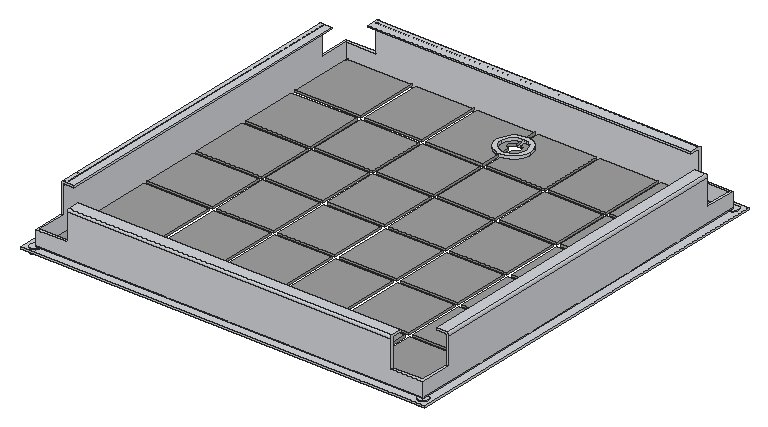
Revit family "14101_UFAD-S", category Air Terminals, Revit 2012
Parameters (values of type "UFAD-S")
  URL = "https://www.innes.com.mx"
  Type Comments = "Desmontable"
  Tipo de Cuello = "Cuadrado"
  Tamaño de Construcción = "únicamente en módulo de 24\"x24\""
  Posición de Instalación = "Piso"
  Model = "UFAD-S"
  Material = "Acero"
  Manufacturer = "INNES"
  Función = "Inyección/Retorno"
  Description = "Rejilla de Piso"
  Cuello Mín.-Máx. = "23\"x23\""
  Conect_V = 23"  # constant formula
  Conect_H = 23"  # constant formula
Reference planes (in)
  plane 1 "Center (Front/Back)": y = 0
  plane 2: z = 0
  plane 3 "Center (Left/Right)": x = 0
  plane 4 "conect": z = 2.75
Nested families (in)
  nested 1: "UFAD_S" at (0, 0, 0), type "UFAD-S"
Connectors (in)
  hvac at (0, 0, 2.75), driven by "Conect_V", driven by "Conect_H"
    settings: index 1, duct flow 0.0 L/s, flow factor 0, pres drop 0.0 Pa, loss coef 0, conn angle 0.00°, conn width 584.2 mm, conn height 584.2 mm, conn radius 304.8 mm, duct sys type 1, conn prof type 1, flow config 0, flow direction 0, loss method 0, conn ref index -1, conn util no, is conn primary yes, conn desc ""
Definition of nested family "UFAD_S"
  Parameters (values of type "UFAD-S")
    URL = "http://www.innes.com.mx"
    Textura = Default
    Mínima velocidad de cuello = 0.0 m/s
    Mínima presión estática = 0.0 Pa
    Máximo nivel de ruido (NC) = ""
    Máxima velocidad de cuello = 0.0 m/s
    Máxima presión estática = 0.0 Pa
    Material = ""
    Manufacturer = "INNES"
    Cuello_Real = 23"  # constant formula
    Cuello = ""
    Marco_B = 24"  # constant formula
    Marco_A = 24"  # constant formula
    Altura = 2 3/4"  # constant formula
  Reference planes (in)
    plane 1 "Center (Front/Back)": y = 0
    plane 2: z = 0
    plane 3 "Center (Left/Right)": x = 0
    plane 4: x = -12
    plane 5: x = 12
    plane 6: y = 12
    plane 7: y = -12
    plane 8: x = -11.5
    plane 9: x = 11.5
    plane 10: y = 11.5
    plane 11: y = -11.5
    plane 12 "PLACA": z = 0.10937
    plane 13: z = 0.23437
    plane 14: y = 9.57812
    plane 15: y = -9.57813
    plane 16: x = -9.57812
    plane 17: x = 9.5625
    plane 18: z = 1
    plane 19: z = 2.75
  Forms (in)
    Extrusion 1, solid
      sketch origin (0, 0, 0) x (1, 0, 0) y (0, 1, 0)
        loop
          line (-12, 12) -> (-12, -12) -> (12, -12) -> (12, 12) -> (-12, 12)
        loop
          line (-11.5, 11.5) -> (-11.5, -11.5) -> (11.5, -11.5) -> (11.5, 11.5) -> (-11.5, 11.5)
      from 0 to 0.10937
    Extrusion 2, solid
      sketch origin (0, 0, 0.10937) x (-1, 0, 0) y (0, -1, 0)
        loop
          circle (11.5, -11.5) r 0.3
        loop
          circle (11.5, 11.5) r 0.3
        loop
          circle (-11.5, 11.5) r 0.3
        loop
          circle (-11.5, -11.5) r 0.3
      from -0.26021 to 0
    Extrusion 3, solid, material "Default" <- "Textura"
      sketch origin (0, 0, 0) x (1, 0, 0) y (0, 1, 0)
        loop
          line (-7.42187, 11.5) -> (-11.5, 11.5) -> (-11.5, 7.5) -> (-7.42187, 7.5) -> (-7.42187, 11.5)
        loop
          line (-7.17187, 11.5) -> (-7.17187, 7.5) -> (-3.78125, 7.5) -> (-3.78125, 11.5) -> (-7.17187, 11.5)
        loop
          line (-3.53125, 11.5) -> (-3.53125, 7.5) -> (-0.14062, 7.5) -> (-0.14062, 11.5) -> (-3.53125, 11.5)
        loop
          line (0.10938, 11.5) -> (0.10938, 7.5) -> (3.5, 7.5) -> (3.5, 11.5) -> (0.10938, 11.5)
        loop
          line (3.75, 11.5) -> (3.75, 7.5) -> (7.14063, 7.5) -> (7.14063, 11.5) -> (3.75, 11.5)
        loop
          line (-11.5, -11.5) -> (-7.42187, -11.5) -> (-7.42187, -7.375) -> (-11.5, -7.375) -> (-11.5, -11.5)
        loop
          line (-3.53125, -11.5) -> (-0.14062, -11.5) -> (-0.14062, -7.375) -> (-3.53125, -7.375) -> (-3.53125, -11.5)
        loop
          line (0.08092, -11.5) -> (3.5, -11.5) -> (3.5, -7.375) -> (0.08092, -7.375) -> (0.08092, -11.5)
        loop
          line (3.75, -11.5) -> (7.14063, -11.5) -> (7.14063, -7.375) -> (3.75, -7.375) -> (3.75, -11.5)
        loop
          line (7.39063, -11.5) -> (11.5, -11.5) -> (11.5, -7.375) -> (7.39063, -7.375) -> (7.39063, -11.5)
        loop
          line (7.39063, 11.5) -> (7.39063, 7.5) -> (11.5, 7.5) -> (11.5, 11.5) -> (7.39063, 11.5)
        loop
          line (-7.42187, 7.25) -> (-11.5, 7.25) -> (-11.5, 3.84375) -> (-7.42187, 3.84375) -> (-7.42187, 7.25)
        loop
          line (-7.17187, 7.25) -> (-7.17187, 3.84375) -> (-3.78125, 3.84375) -> (-3.78125, 7.25) -> (-7.17187, 7.25)
        loop
          line (-7.17187, 3.59375) -> (-7.17187, 0.1875) -> (-3.78125, 0.1875) -> (-3.78125, 3.59375) -> (-7.17187, 3.59375)
        loop
          line (-7.17187, -3.71875) -> (-7.17187, -7.125) -> (-3.78125, -7.125) -> (-3.78125, -3.71875) -> (-7.17187, -3.71875)
        loop
          line (-7.42187, 3.59375) -> (-11.5, 3.59375) -> (-11.5, 0.1875) -> (-7.42187, 0.1875) -> (-7.42187, 3.59375)
        loop
          line (-7.42187, -0.0625) -> (-11.5, -0.0625) -> (-11.5, -3.46875) -> (-7.42187, -3.46875) -> (-7.42187, -0.0625)
        loop
          line (-7.42187, -3.71875) -> (-11.5, -3.71875) -> (-11.5, -7.125) -> (-7.42187, -7.125) -> (-7.42187, -3.71875)
        loop
          line (-3.53125, 7.25) -> (-3.53125, 3.84375) -> (-0.14062, 3.84375) -> (-0.14062, 7.25) -> (-3.53125, 7.25)
        loop
          line (0.10938, 7.25) -> (0.10938, 3.84375) -> (3.5, 3.84375) -> (3.5, 7.25) -> (0.10938, 7.25)
        loop
          line (3.75, 7.25) -> (3.75, 3.84375) -> (7.14063, 3.84375) -> (7.14063, 7.25) -> (3.75, 7.25)
        loop
          line (7.39063, 7.25) -> (7.39063, 3.84375) -> (11.5, 3.84375) -> (11.5, 7.25) -> (7.39063, 7.25)
        loop
          line (-7.17187, -0.0625) -> (-7.17187, -3.46875) -> (-3.78125, -3.46875) -> (-3.78125, -0.0625) -> (-7.17187, -0.0625)
        loop
          line (-3.53125, -0.0625) -> (-3.53125, -3.46875) -> (-0.14062, -3.46875) -> (-0.14062, -0.0625) -> (-3.53125, -0.0625)
        loop
          line (0.10938, -0.0625) -> (0.10938, -3.46875) -> (3.5, -3.46875) -> (3.5, -0.0625) -> (0.10938, -0.0625)
        loop
          line (3.75, -0.0625) -> (3.75, -3.46875) -> (7.14063, -3.46875) -> (7.14063, -0.0625) -> (3.75, -0.0625)
        loop
          line (7.39063, -0.0625) -> (7.39063, -3.46875) -> (11.5, -3.46875) -> (11.5, -0.0625) -> (7.39063, -0.0625)
        loop
          line (-3.53125, 3.59375) -> (-3.53125, 0.1875) -> (-0.14062, 0.1875) -> (-0.14062, 3.59375) -> (-3.53125, 3.59375)
        loop
          line (0.10938, 3.59375) -> (0.10938, 0.1875) -> (3.5, 0.1875) -> (3.5, 3.59375) -> (0.10938, 3.59375)
        loop
          line (3.75, 3.59375) -> (3.75, 0.1875) -> (7.14063, 0.1875) -> (7.14063, 3.59375) -> (3.75, 3.59375)
        loop
          line (7.39063, 3.59375) -> (7.39063, 0.1875) -> (11.5, 0.1875) -> (11.5, 3.59375) -> (7.39063, 3.59375)
        loop
          line (-3.53125, -3.71875) -> (-3.53125, -7.125) -> (-0.14062, -7.125) -> (-0.14062, -3.71875) -> (-3.53125, -3.71875)
        loop
          line (0.10938, -3.71875) -> (0.10938, -7.125) -> (3.5, -7.125) -> (3.5, -3.71875) -> (0.10938, -3.71875)
        loop
          line (3.75, -3.71875) -> (3.75, -7.125) -> (7.14063, -7.125) -> (7.14063, -3.71875) -> (3.75, -3.71875)
        loop
          line (7.39063, -3.71875) -> (7.39063, -7.125) -> (11.5, -7.125) -> (11.5, -3.71875) -> (7.39063, -3.71875)
        loop
          line (-3.78125, -7.375) -> (-7.17187, -7.375) -> (-7.17187, -11.5) -> (-3.78125, -11.5) -> (-3.78125, -7.375)
      from 0 to 0.10937
    Sweep 4, solid
      path origin (0, 0, 0) x (1, 0, 0) y (0, 1, 0)
        loop
          line (-11.5, 11.5) -> (-11.5, -11.5) -> (11.5, -11.5) -> (11.5, 11.5) -> (-11.5, 11.5)
      profile origin (0, 11.5, 0) x (0, 1, 0) y (0, 0, 1)
        loop
          line (0, 0) -> (0, 2.5908)
          arc (0, 2.5908) -> (-0.01999, 2.68539) -> (-0.09191, 2.75) r 0.15589
          line (-0.09191, 2.75) -> (-0.75, 2.75) -> (-0.75, 2.65095) -> (-0.22864, 2.65095)
          arc (-0.22864, 2.65095) -> (-0.17355, 2.62814) -> (-0.15074, 2.57305) r 0.0779
          line (-0.15074, 2.57305) -> (-0.15074, 0) -> (0, 0)
    Extrusion 5, void
      sketch origin (0, 0, 0.10937) x (-1, 0, 0) y (0, -1, 0)
        loop
          line (12, 9.57813) -> (12, 12) -> (9.57812, 12) -> (9.57812, 9.57813) -> (12, 9.57813)
      from 0.89063 to 2.64063
    Extrusion 6, void
      sketch origin (0, 0, 0.10937) x (-1, 0, 0) y (0, -1, 0)
        loop
          line (12, -12) -> (12, -9.57812) -> (9.57812, -9.57812) -> (9.57812, -12) -> (12, -12)
      from 0.89063 to 2.64063
    Extrusion 7, void
      sketch origin (0, 0, 0.10937) x (-1, 0, 0) y (0, -1, 0)
        loop
          line (-9.5625, -12) -> (-9.5625, -9.57812) -> (-12, -9.57812) -> (-12, -12) -> (-9.5625, -12)
      from 0.89063 to 2.64063
    Extrusion 8, void
      sketch origin (0, 0, 0.10937) x (-1, 0, 0) y (0, -1, 0)
        loop
          line (-9.5625, 9.57813) -> (-9.5625, 12) -> (-12, 12) -> (-12, 9.57813) -> (-9.5625, 9.57813)
      from 0.89063 to 2.64063
    Extrusion 9, void
      sketch origin (0, 0, 0.10937) x (-1, 0, 0) y (0, -1, 0)
        loop
          line (0.41437, -9.57812) -> (0.14062, -9.32812) -> (-0.10938, -9.32812) -> (-0.41882, -9.57812)
          arc (-0.41882, -9.57812) -> (-0.00223, -9.99472) -> (0.41437, -9.57812) r 0.41659
        loop
          line (0.41437, 9.92188) -> (0.14062, 10.17188) -> (-0.10938, 10.17188) -> (-0.41882, 9.92188)
          arc (-0.41882, 9.92188) -> (-0.00223, 9.50528) -> (0.41437, 9.92188) r 0.41659
      from -0.40592 to 0
    Extrusion 10, solid
      sketch origin (0, 0, 0.10937) x (-1, 0, 0) y (0, -1, 0)
        loop
          circle (0, -9.57812) r 1
        loop
          circle (0, -9.57812) r 0.75
        loop
          circle (0, 9.85843) r 1
        loop
          circle (0, 9.85843) r 0.75
      from -0.313 to 0.125
  Cuts and joins
    Extrusion 5, Extrusion 6, Extrusion 7, Extrusion 8 cuts Extrusion 1
    Extrusion 5, Extrusion 6, Extrusion 7, Extrusion 8 cuts Extrusion 2
    Extrusion 5, Extrusion 6, Extrusion 7, Extrusion 8, Extrusion 9 cuts Extrusion 3
    Extrusion 5, Extrusion 6, Extrusion 7, Extrusion 8, Extrusion 9 cuts Sweep 4
  Dimensions and locks (in)
    equal spacing: plane 6, plane 1 "Center (Front/Back)", plane 7
    equal spacing: plane 4, plane 3 "Center (Left/Right)", plane 5
    "Marco_B": plane 6 to plane 7
    "Marco_A": plane 4 to plane 5
    plane 6 to plane 10 = 1/2"
    locked: plane 12 "PLACA" to level at 0.10937
    plane 13 to plane 12 "PLACA" = 1/8"
    locked: plane 18 to level at 1
    "Altura": plane 19 to level
    level to plane 19 = 2 3/4"
    plane 19 to level = 2 3/4"
    locked: plane 8 to plane 4 at 0.5
    "Cuello_Real": plane 8 to plane 9
    "Cuello_Real": plane 10 to plane 11
    equal spacing: plane 10, plane 1 "Center (Front/Back)", plane 11
    equal spacing: plane 8, plane 3 "Center (Left/Right)", plane 9
    aligned and locked: plane 2 to level
    aligned and locked: Extrusion 1 sketch curve to plane 6
    aligned and locked: plane 4 to Extrusion 1 sketch curve
    aligned and locked: plane 7 to Extrusion 1 sketch curve
    aligned and locked: Extrusion 1 sketch curve to plane 5
    aligned and locked: Extrusion 1 sketch curve to plane 10
    aligned and locked: plane 8 to Extrusion 1 sketch curve
    aligned and locked: plane 11 to Extrusion 1 sketch curve
    aligned and locked: Extrusion 1 sketch curve to plane 9
    aligned and locked: plane 12 "PLACA" to Extrusion 1
    aligned and locked: Extrusion 1 to Extrusion 3
    aligned and locked: Extrusion 3 sketch curve to plane 11  (x2)
    aligned and locked: Extrusion 3 sketch curve to plane 10
    aligned and locked: plane 9 to Extrusion 3 sketch curve
    aligned and locked: Sweep 4 sketch curve to Extrusion 1  (x4)
    aligned and locked: Extrusion 1 to Extrusion 2
    aligned and locked: Extrusion 5 sketch curve to plane 15
    aligned and locked: plane 4 to Extrusion 5 sketch curve
    aligned and locked: plane 7 to Extrusion 5 sketch curve
    aligned and locked: Extrusion 5 sketch curve to plane 16
    aligned and locked: Extrusion 6 sketch curve to cut or joined group of Extrusion 1, Extrusion 5, Extrusion 6, Extrusion 7, Extrusion 8  (x2)
    aligned and locked: plane 14 to Extrusion 6 sketch curve
    aligned and locked: Extrusion 6 sketch curve to plane 16
    aligned and locked: Extrusion 7 sketch curve to plane 6
    aligned and locked: plane 17 to Extrusion 7 sketch curve
    aligned and locked: plane 14 to Extrusion 7 sketch curve
    aligned and locked: Extrusion 7 sketch curve to plane 5
    aligned and locked: Extrusion 8 sketch curve to plane 15
    aligned and locked: plane 17 to Extrusion 8 sketch curve
    aligned and locked: Extrusion 8 sketch curve to cut or joined group of Extrusion 1, Extrusion 5, Extrusion 6, Extrusion 7, Extrusion 8  (x2)
    aligned and locked: plane 19 to Extrusion 8
    aligned and locked: Extrusion 5 to cut or joined group of Sweep 4, Extrusion 5, Extrusion 6, Extrusion 7, Extrusion 8, Extrusion 9
    aligned and locked: Extrusion 6 to Extrusion 5
    aligned and locked: cut or joined group of Sweep 4, Extrusion 5, Extrusion 6, Extrusion 7, Extrusion 8, Extrusion 9 to plane 18  (x2)
  Automatic sketch dimensions
    Extrusion 2 sketch curve to plane 9 = 0"  (x2)
    Extrusion 2 sketch curve to plane 8 = 0"  (x2)
    Extrusion 2 sketch curve to plane 10 = 0"  (x2)
    Extrusion 2 sketch curve to plane 11 = 0"  (x2)
    Sweep 4 sketch curve to level = 0"
    Sweep 4 sketch curve to profile plane = 0"
    profile plane to Sweep 4 sketch curve = 0.09191"
    profile plane to Sweep 4 sketch curve = 0.15074"
    Sweep 4 sketch curve to Sweep 4 sketch curve = 0.00426"
    Sweep 4 sketch curve to Sweep 4 sketch curve = 0.07364"
    Sweep 4 sketch curve to Sweep 4 sketch curve = 0"
    Sweep 4 sketch curve to Sweep 4 sketch curve = 0.52136"
    level to Sweep 4 sketch curve = 2.57305"
    Sweep 4 sketch curve to Sweep 4 sketch curve = 0.01775"
    Sweep 4 sketch curve to Sweep 4 sketch curve = 0.03439"
    Extrusion 5 sketch curve to plane 16 = 0"
    Extrusion 9 sketch curve to plane 14 = 0"
    plane 3 "Center (Left/Right)" to Extrusion 9 sketch curve = 0.41882"  (x2)
    plane 3 "Center (Left/Right)" to Extrusion 9 sketch curve = 7/64"  (x2)
    plane 3 "Center (Left/Right)" to Extrusion 9 sketch curve = 0.00223"  (x2)
    Extrusion 9 sketch curve to plane 3 "Center (Left/Right)" = 9/64"  (x2)
    Extrusion 9 sketch curve to plane 14 = 1/4"
    Extrusion 9 sketch curve to plane 15 = 11/32"
    Extrusion 9 sketch curve to Extrusion 9 sketch curve = 1/4"
    Extrusion 10 sketch curve to Extrusion 10 sketch curve = 0"  (x4)
    Extrusion 10 sketch curve to plane 3 "Center (Left/Right)" = 0"  (x2)
    Extrusion 10 sketch curve to plane 14 = 0"
    Extrusion 10 sketch curve to plane 15 = 0.28031"
    Extrusion 3 sketch curve to plane 8 = 0"  (x6)
    Extrusion 3 sketch curve to plane 11 = 0"  (x4)
    Extrusion 3 sketch curve to plane 10 = 0"  (x5)
    Extrusion 3 sketch curve to plane 9 = 0"  (x5)
    plane 16 to Extrusion 3 sketch curve = 2 5/32"  (x3)
    Extrusion 3 sketch curve to Extrusion 3 sketch curve = 0"  (x34)
    plane 1 "Center (Front/Back)" to Extrusion 3 sketch curve = 1/16"  (x6)
    Extrusion 3 sketch curve to Extrusion 3 sketch curve = 1/4"  (x37)
    Extrusion 3 sketch curve to Extrusion 3 sketch curve = 3 25/64"  (x6)
    Extrusion 3 sketch curve to plane 3 "Center (Left/Right)" = 9/64"  (x6)
    plane 3 "Center (Left/Right)" to Extrusion 3 sketch curve = 0.08092"
    plane 3 "Center (Left/Right)" to Extrusion 3 sketch curve = 7/64"  (x5)
    Extrusion 3 sketch curve to plane 1 "Center (Front/Back)" = 3/16"  (x6)
    Extrusion 3 sketch curve to Extrusion 3 sketch curve = 3.41908"
    Extrusion 3 sketch curve to plane 17 = 2 27/64"  (x2)
    plane 15 to Extrusion 3 sketch curve = 2 13/64"  (x3)
    Extrusion 3 sketch curve to Extrusion 3 sketch curve = 3 13/32"  (x7)
    Extrusion 3 sketch curve to plane 14 = 2 21/64"  (x3)
    radius of Extrusion 2 sketch curve = 0.3"  (x4)
    radius of Extrusion 10 sketch curve = 1"  (x2)
    radius of Extrusion 10 sketch curve = 3/4"  (x2)
